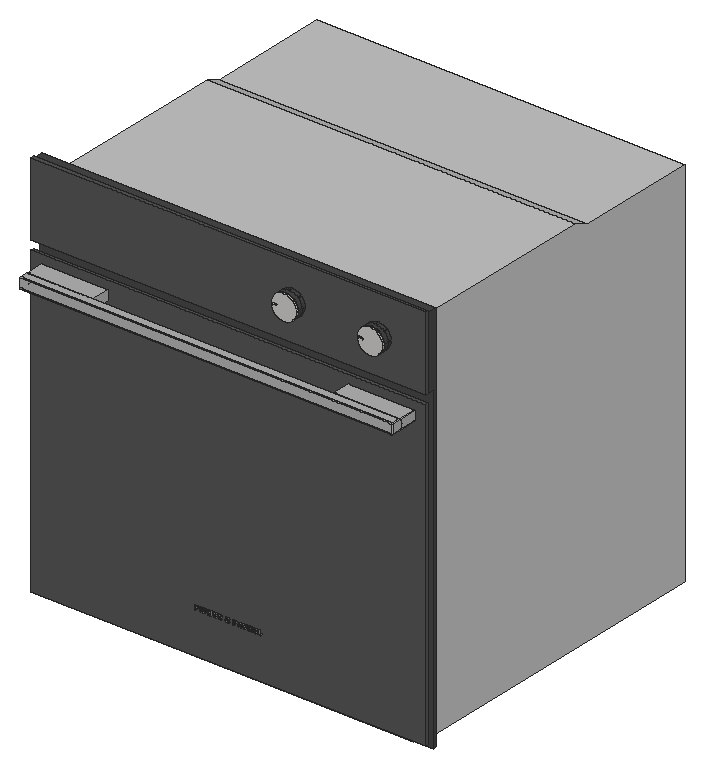
Revit family "FP_Revit_18_OB60SC7LEB1_Oven_90001194A", category Specialty Equipment, Revit 2018
Family settings
  Round Connector Dimension = Use Diameter
  Part Type = Normal
  OmniClass Number = 23.40.40.14.17.11
  OmniClass Title = Cookers, Ovens, Stoves
  Work Plane-Based = No
  Always vertical = Yes
  Cut with Voids When Loaded = Yes
  Shared = No
  Room Calculation Point = No
Parameters (values of type "OB60SC7LEB1")
  Visibility - Clearance Required = yes
  URL = "www.fisherpaykel.com"
  Product - Width = 596 mm  # constant formula
  Product - Height = 598 mm  # constant formula
  Product - Depth = 608 mm  # constant formula
  Model = "OB60SC7LEB1"
  Material - Structure = Fisher & Paykel - Black
  Material - Handle = Fisher & Paykel - Aluminium
  Material - Glass = Fisher & Paykel - Glass, Black
  Material - Buttons and Dials = Fisher & Paykel - Stainless Steel
  Material - Body = Fisher & Paykel - Grey
  Manufacturer = "Fisher & Paykel Appliances"
  FFL Offset [instance] = 260 mm
  Description = "60cm Built-In Oven"
  Connector Description - Electrical = "230 V, 13.3 A"
  Chassis - Width = 556 mm  # constant formula
  Chassis - Height = 575 mm  # constant formula
  Chassis - Depth = 545 mm  # constant formula
  Cavity - Width = 600 mm  # constant formula
  Cavity - Height = 600 mm  # constant formula
  Cavity - Depth = 550 mm  # constant formula
Reference planes
  plane 1 "Datum": y = 0
  plane 2: z = 0
  plane 3 "Center (Left/Right)": x = 0
  plane 4 "Product Height": z = 858
  plane 5 "Product LHS": x = -298
  plane 6 "Product RHS": x = 298
  plane 7 "Cavity LHS": x = -300
  plane 8 "Cavity RHS": x = 300
  plane 9 "Cavity - Depth": y = 550
  plane 10 "Product Depth": y = 545
  plane 11 "Door - Front": y = -20
  plane 12 "Product - Front": y = -63
  plane 13 "FFL Offset": z = 260
  plane 14 "Cavity - Height": z = 860
  plane 15 "Cavity": z = 840
Forms (mm)
  Extrusion 1, solid, material "Fisher & Paykel - Grey" <- "Material - Body"
    sketch origin (0, 0, 0) x (0, 1, 0) y (0, 0, 1)
      loop
        line (0, 260) -> (525, 260) -> (525, 458) -> (545, 478) -> (545, 672) -> (495, 722) -> (495, 824.6) -> (311.747, 824.6) -> (289.247, 835) -> (0, 835) -> (0, 260)
    from -278 to 278
  Extrusion 2, void
    sketch origin (0, 0, 0) x (1, 0, 0) y (0, 1, 0)
      loop
        line (-278, 495) -> (-235, 495) -> (-185, 545) -> (-278, 545) -> (-278, 495)
      loop
        line (278, 495) -> (278, 545) -> (62.65, 545) -> (82.65, 525) -> (205, 525) -> (235, 495) -> (278, 495)
    from 260 to 835
  Extrusion 3, solid, material "Fisher & Paykel - Black" <- "Material - Structure"
    sketch origin (0, 0, 0) x (0, 1, 0) y (0, 0, 1)
      loop
        line (-16, 855) -> (-16, 746) -> (-4.1, 746) -> (-4.1, 260) -> (0, 260) -> (0, 855) -> (-16, 855)
    from -298 to 298
  Extrusion 4, solid, material "Fisher & Paykel - Black" <- "Material - Structure"
    sketch origin (0, 0, 0) x (0, 1, 0) y (0, 0, 1)
      loop
        line (-16, 722.6) -> (-16, 267) -> (-4.1, 267) -> (-4.1, 722.6) -> (-16, 722.6)
    from -277 to 277
  Extrusion 5, solid, material "Fisher & Paykel - Clearance Required", visible <- "Visibility - Clearance Required", detail levels coarse
    sketch origin (0, 0, 0) x (0, 1, 0) y (0, 0, 1)
      loop
        line (-20, 287.356) -> (-20, 260) -> (0, 260) -> (0, 860) -> (-20, 860) -> (-20, 732.8)
        arc (-20, 732.8) -> (-324.134, 611.374) -> (-467.592, 316.991) r 454.272
        line (-467.592, 316.991) -> (-454.903, 316.151) -> (-457.629, 274.989) -> (-445.183, 274.164) -> (-442.458, 315.327) -> (-20, 287.356)
    from -300 to 300
  Extrusion 6, solid, material "Fisher & Paykel - Clearance Required", visible <- "Visibility - Clearance Required", detail levels coarse
    sketch origin (0, 0, 0) x (1, 0, 0) y (0, 1, 0)
      loop
        line (-280, 0) -> (280, 0) -> (280, 550) -> (-280, 550) -> (-280, 0)
    from 260 to 840
  Extrusion 7, solid, material "Fisher & Paykel - Glass, Black" <- "Material - Glass"
    sketch origin (0, 0, 0) x (0, 1, 0) y (0, 0, 1)
      loop
        line (-16, 858) -> (-20, 858) -> (-20, 746) -> (-16, 746) -> (-16, 858)
      loop
        line (-20, 732.8) -> (-20, 269.8) -> (-16, 269.8) -> (-16, 732.8) -> (-20, 732.8)
    from -298 to 298
  Extrusion 8, solid, material "Fisher & Paykel - Grey" <- "Material - Body", detail levels medium+fine
    sketch origin (0, -20, 0) x (0, 0, 1) y (1, 0, 0)
      loop
        line (795.1, -225.85) -> (795.1, -133.15) -> (737.1, -133.15) -> (737.1, -225.85) -> (795.1, -225.85)
    from 515 to 535
  Extrusion 9, solid, material "Fisher & Paykel - Grey" <- "Material - Body", detail levels fine
    sketch origin (0, 0, 0) x (0, 1, 0) y (0, 0, 1)
      loop
        circle (505, 766.1) r 4
    from -225.85 to -245
  Extrusion 10, void
    sketch origin (0, 0, 0) x (0, 1, 0) y (0, 0, 1)
      loop
        line (-20, 860) -> (-20, 260) -> (0, 260) -> (0, 860) -> (-20, 860)
    from -300 to 300
  Extrusion 11, void
    sketch origin (0, 0, 0) x (1, 0, 0) y (0, 1, 0)
      loop
        line (-280, 0) -> (280, 0) -> (280, 550) -> (-280, 550) -> (-280, 0)
    from 260 to 840
Cuts and joins
  Extrusion 2 cuts Extrusion 1
Lines and regions (mm)
  model lines, style "Fisher & Paykel"
    curve 1: line (-268, -20, 790) -> (-218, -20, 790)
    curve 2: line (-268, -20, 811) -> (-268, -20, 790)
    curve 3: line (-218, -20, 811) -> (-268, -20, 811)
    curve 4: line (-218, -20, 790) -> (-218, -20, 811)
    curve 5: line (217.5, -20, 394.2) -> (-217.5, -20, 394.2)
    curve 6: line (217.5, -20, 677.436) -> (217.5, -20, 394.2)
    curve 7: line (-217.5, -20, 677.436) -> (217.5, -20, 677.436)
    curve 8: line (-217.5, -20, 394.2) -> (-217.5, -20, 677.436)
Text (mm)
  text "Due to ongoing product development, product details are subject to change without notice. \nPlease always refer to www.fisherpaykel.com for the most current product information. \n© Fisher & Paykel 2020" at (41.04, -568.295, 0), in view "Ref. Level (Plan)"
Dimensions and locks
  equal spacing: plane 5 "Product LHS", plane 3 "Center (Left/Right)", plane 6 "Product RHS"
  "Product - Width": plane 5 "Product LHS" to plane 6 "Product RHS"
  equal spacing: plane 7 "Cavity LHS", plane 3 "Center (Left/Right)", plane 8 "Cavity RHS"
  "Cavity - Width": plane 7 "Cavity LHS" to plane 8 "Cavity RHS"
  "Cavity - Depth": plane 9 "Cavity - Depth" to plane 1 "Datum"
  "Chassis - Depth": plane 10 "Product Depth" to plane 1 "Datum"
  locked: plane 11 "Door - Front" to plane 1 "Datum" at 20
  "Chassis - Width": cut or joined group of Extrusion 1, Extrusion 2 to cut or joined group of Extrusion 1, Extrusion 2
  "Product - Depth": plane 10 "Product Depth" to plane 12 "Product - Front"
  cut or joined group of Extrusion 1, Extrusion 2 to Extrusion 8 = 20 mm
  "FFL Offset": plane 13 "FFL Offset" to level
  "Chassis - Height": cut or joined group of Extrusion 1, Extrusion 2 to plane 13 "FFL Offset"
  "Product - Height": plane 4 "Product Height" to plane 13 "FFL Offset"
  "Cavity - Height": plane 14 "Cavity - Height" to plane 13 "FFL Offset"
  locked: plane 15 "Cavity" to plane 13 "FFL Offset" at 580
  locked: Extrusion 4 to plane 13 "FFL Offset" at 7
  locked: Extrusion 7 to plane 13 "FFL Offset" at 9.8
  locked: plane 4 "Product Height" to nested 2 at 137.9
  locked: curve 5 to plane 13 "FFL Offset" at 134.2
  locked: plane 4 "Product Height" to nested 4 at 57.5
  locked: plane 4 "Product Height" to nested 3 at 57.5
  locked: curve 7 to plane 13 "FFL Offset" at 417.436
  locked: curve 1 to plane 13 "FFL Offset" at 530
  locked: curve 3 to plane 13 "FFL Offset" at 551
  locked: nested 1 to plane 13 "FFL Offset" at 73.213
  aligned and locked: level to plane 2
  aligned and locked: plane 7 "Cavity LHS" to Extrusion 5
  aligned and locked: Extrusion 5 to plane 8 "Cavity RHS"
  aligned and locked: Extrusion 7 to plane 6 "Product RHS"
  aligned and locked: plane 5 "Product LHS" to Extrusion 7
  aligned and locked: Extrusion 8 to cut or joined group of Extrusion 1, Extrusion 2
  aligned and locked: Extrusion 10 to plane 8 "Cavity RHS"
  aligned and locked: plane 7 "Cavity LHS" to Extrusion 10
  aligned and locked: Extrusion 2 to plane 13 "FFL Offset"
  aligned and locked: Extrusion 2 to Extrusion 1
  aligned and locked: Extrusion 1 sketch curve to plane 13 "FFL Offset"
  aligned and locked: Extrusion 6 to cut or joined group of Extrusion 1, Extrusion 2
  aligned and locked: plane 15 "Cavity" to Extrusion 6
  aligned and locked: Extrusion 3 to cut or joined group of Extrusion 1, Extrusion 2
  aligned and locked: plane 13 "FFL Offset" to Extrusion 5 sketch curve
  aligned and locked: plane 14 "Cavity - Height" to Extrusion 5 sketch curve
  aligned and locked: Extrusion 11 to cut or joined group of Extrusion 1, Extrusion 2
  aligned and locked: Extrusion 11 to Extrusion 6
  aligned and locked: Extrusion 10 to cut or joined group of Extrusion 1, Extrusion 2
  aligned and locked: Extrusion 10 to Extrusion 5
Automatic sketch dimensions
  Extrusion 2 sketch curve to plane 10 "Product Depth" = 0 mm  (x2)
  Extrusion 2 sketch curve to plane 5 "Product LHS" = 20 mm
  Extrusion 2 sketch curve to Extrusion 2 sketch curve = 43 mm
  Extrusion 2 sketch curve to Extrusion 2 sketch curve = 50 mm
  plane 3 "Center (Left/Right)" to Extrusion 2 sketch curve = 62.65 mm
  Extrusion 2 sketch curve to Extrusion 2 sketch curve = 20 mm
  Extrusion 2 sketch curve to plane 10 "Product Depth" = 20 mm
  plane 6 "Product RHS" to Extrusion 2 sketch curve = 93 mm
  Extrusion 2 sketch curve to Extrusion 2 sketch curve = 30 mm
  plane 6 "Product RHS" to Extrusion 2 sketch curve = 20 mm
  Extrusion 2 sketch curve to plane 10 "Product Depth" = 50 mm  (x2)
  level to Extrusion 3 sketch curve = 260 mm
  Extrusion 3 sketch curve to plane 1 "Datum" = 0 mm
  plane 1 "Datum" to Extrusion 3 sketch curve = 4.1 mm
  plane 11 "Door - Front" to Extrusion 3 sketch curve = 4 mm
  Extrusion 3 sketch curve to plane 4 "Product Height" = 3 mm
  plane 11 "Door - Front" to Extrusion 4 sketch curve = 4 mm
  plane 1 "Datum" to Extrusion 4 sketch curve = 4.1 mm
  level to Extrusion 4 sketch curve = 267 mm
  Extrusion 6 sketch curve to plane 9 "Cavity - Depth" = 0 mm
  plane 1 "Datum" to Extrusion 6 sketch curve = 0 mm
  Extrusion 6 sketch curve to plane 5 "Product LHS" = 18 mm
  plane 6 "Product RHS" to Extrusion 6 sketch curve = 18 mm
  Extrusion 7 sketch curve to plane 11 "Door - Front" = 0 mm  (x2)
  plane 11 "Door - Front" to Extrusion 7 sketch curve = 4 mm  (x2)
  Extrusion 7 sketch curve to plane 4 "Product Height" = 0 mm
  Extrusion 7 sketch curve to Extrusion 7 sketch curve = 13.2 mm
  level to Extrusion 7 sketch curve = 269.8 mm
  Extrusion 8 sketch curve to plane 5 "Product LHS" = 72.15 mm
  Extrusion 8 sketch curve to Extrusion 8 sketch curve = 92.7 mm
  Extrusion 9 sketch curve to plane 10 "Product Depth" = 40 mm
  level to Extrusion 10 sketch curve = 260 mm
  Extrusion 10 sketch curve to plane 11 "Door - Front" = 0 mm
  Extrusion 10 sketch curve to plane 1 "Datum" = 0 mm
  Extrusion 11 sketch curve to plane 9 "Cavity - Depth" = 0 mm
  plane 1 "Datum" to Extrusion 11 sketch curve = 0 mm
  Extrusion 11 sketch curve to plane 5 "Product LHS" = 18 mm
  plane 6 "Product RHS" to Extrusion 11 sketch curve = 18 mm
  Extrusion 3 sketch curve to Extrusion 3 sketch curve = 109 mm
  Extrusion 4 sketch curve to plane 4 "Product Height" = 135.4 mm
  Extrusion 7 sketch curve to Extrusion 7 sketch curve = 125.2 mm
  Extrusion 8 sketch curve to plane 4 "Product Height" = 120.9 mm
  Extrusion 8 sketch curve to Extrusion 8 sketch curve = 58 mm
  Extrusion 9 sketch curve to plane 4 "Product Height" = 91.9 mm
  Extrusion 1 sketch curve to plane 1 "Datum" = 0 mm
  Extrusion 1 sketch curve to plane 10 "Product Depth" = 0 mm
  Extrusion 1 sketch curve to plane 4 "Product Height" = 23 mm
  Extrusion 1 sketch curve to plane 10 "Product Depth" = 255.753 mm
  Extrusion 1 sketch curve to Extrusion 1 sketch curve = 22.5 mm
  Extrusion 1 sketch curve to plane 10 "Product Depth" = 50 mm
  Extrusion 1 sketch curve to plane 10 "Product Depth" = 20 mm
  Extrusion 1 sketch curve to Extrusion 1 sketch curve = 198 mm
  Extrusion 1 sketch curve to Extrusion 1 sketch curve = 20 mm
  Extrusion 1 sketch curve to plane 4 "Product Height" = 186 mm
  Extrusion 1 sketch curve to Extrusion 1 sketch curve = 50 mm
  Extrusion 1 sketch curve to plane 4 "Product Height" = 33.4 mm
  plane 13 "FFL Offset" to Extrusion 10 sketch curve = 600 mm
  Extrusion 5 sketch curve to plane 11 "Door - Front" = 0 mm  (x2)
  Extrusion 5 sketch curve to plane 1 "Datum" = 0 mm
  plane 13 "FFL Offset" to Extrusion 5 sketch curve = 55.327 mm
  Extrusion 5 sketch curve to plane 12 "Product - Front" = 379.458 mm
  plane 13 "FFL Offset" to Extrusion 5 sketch curve = 14.164 mm
  Extrusion 5 sketch curve to Extrusion 5 sketch curve = 2.725 mm
  plane 13 "FFL Offset" to Extrusion 5 sketch curve = 56.151 mm
  Extrusion 5 sketch curve to Extrusion 5 sketch curve = 12.446 mm
  plane 13 "FFL Offset" to Extrusion 5 sketch curve = 56.991 mm
  plane 11 "Door - Front" to Extrusion 5 sketch curve = 5.051 mm
  Extrusion 5 sketch curve to Extrusion 5 sketch curve = 8.8 mm
  plane 6 "Product RHS" to curve 6 = 80.5 mm
  curve 5 to curve 6 = 283.236 mm
  curve 7 to plane 5 "Product LHS" = 80.5 mm
  curve 1 to plane 5 "Product LHS" = 80 mm
  curve 1 to plane 5 "Product LHS" = 30 mm
  radius of Extrusion 9 sketch curve = 4 mm
Nested families
  nested 1: "F&P Logo 100mm" at (0, -20, 333.213), type "Grey"
  nested 2: "F&P Handle Contemporary Square OB60-24" at (0, -20, 712.122), type "Aluminium"
  nested 3: "F&P Dial Oven SC" at (97.062, -20, 800.5), type "F&P Dial Oven SC"
  nested 4: "F&P Dial Oven SC" at (227.124, -20, 800.5), type "F&P Dial Oven SC"
Connectors
  electrical at (-245, 505, 766.1), driven by "Connector Description - Electrical"
    settings: on Extrusion 9, index 1, voltage 230 V, apparent load 0 VA, apparent load phase1 0 VA, apparent load phase2 0 VA, apparent load phase3 0 VA, power factor 1, load classification "Other", number of poles 1, system type 30, power factor state 1, is connector primary yes, connector utility no, sub classification motor no, connector description "230 V, 13.3 A"
Definition of nested family "F&P Logo 100mm"
  Parameters (values of type "Chrome")
    URL = "www.fisherpaykel.com"
    Material - Logo = none
    Manufacturer = "Fisher & Paykel Appliances"
  Types (3): name
    (no name)
    Chrome
    Grey
  Reference planes
    plane 1 "Center (Front/Back)": y = 0
    plane 2: z = 0
    plane 3 "Center (Left/Right)": x = 0
  Forms (mm)
    Extrusion 1, solid, material <- "Material - Logo", detail levels fine
      sketch origin (0, 0, 0) x (1, 0, 0) y (0, 0, 1)
        loop
          line (-50.044, 0) -> (-48.47, 0) -> (-48.47, 2.138) -> (-46.011, 2.138) -> (-46.011, 3.472) -> (-48.47, 3.472) -> (-48.47, 4.712) -> (-45.795, 4.712) -> (-45.795, 6.04) -> (-50.044, 6.04) -> (-50.044, 0)
        loop
          line (-42.804, 6.04) -> (-42.804, 0) -> (-41.23, 0) -> (-41.23, 6.04) -> (-42.804, 6.04)
        loop
          line (-30.724, 6.04) -> (-30.724, 0) -> (-29.151, 0) -> (-29.151, 2.42) -> (-26.839, 2.42) -> (-26.839, 0) -> (-25.265, 0) -> (-25.265, 6.04) -> (-26.839, 6.04) -> (-26.839, 3.748) -> (-29.151, 3.748) -> (-29.151, 6.04) -> (-30.724, 6.04)
        loop
          line (-21.906, 6.04) -> (-21.906, 0) -> (-17.602, 0) -> (-17.602, 1.328) -> (-20.347, 1.328) -> (-20.347, 2.42) -> (-17.838, 2.42) -> (-17.838, 3.748) -> (-20.347, 3.748) -> (-20.347, 4.712) -> (-17.602, 4.712) -> (-17.602, 6.04) -> (-21.906, 6.04)
        loop
          line (45.667, 6.04) -> (45.667, 0) -> (49.956, 0) -> (49.956, 1.328) -> (47.241, 1.328) -> (47.241, 6.04) -> (45.667, 6.04)
        loop
          line (42.431, 6.04) -> (38.112, 6.04) -> (38.112, 0) -> (42.431, 0) -> (42.431, 1.328) -> (39.687, 1.328) -> (39.687, 2.42) -> (42.195, 2.42) -> (42.195, 3.748) -> (39.687, 3.748) -> (39.687, 4.712) -> (42.431, 4.712) -> (42.431, 6.04)
        loop
          line (33.451, 3.148) -> (35.683, 6.04) -> (33.844, 6.04) -> (31.915, 3.542) -> (31.915, 6.04) -> (30.342, 6.04) -> (30.342, 0) -> (31.915, 0) -> (31.915, 2.705) -> (33.903, 0) -> (35.763, 0) -> (33.451, 3.148)
        loop
          line (21.98, 6.04) -> (24.262, 2.42) -> (24.262, 0) -> (25.837, 0) -> (25.837, 2.341) -> (28.119, 6.04) -> (26.446, 6.04) -> (25.099, 3.707) -> (23.753, 6.04) -> (21.98, 6.04)
        loop
          line (18.479, 6.04) -> (16.983, 6.04) -> (14.524, 0) -> (16.069, 0) -> (16.501, 1.112) -> (18.921, 1.112) -> (19.354, 0) -> (20.938, 0) -> (18.479, 6.04)
        loop
          line (18.4, 2.439) -> (17.693, 4.174) -> (17.018, 2.439) -> (18.4, 2.439)
        loop
          line (8.031, 6.04) -> (8.031, 0) -> (9.605, 0) -> (9.605, 1.938) -> (10.599, 1.938)
          arc (10.599, 1.938) -> (12.65, 3.989) -> (10.599, 6.04) r 2.051
          line (10.599, 6.04) -> (8.031, 6.04)
        loop
          line (9.605, 4.712) -> (9.605, 3.197) -> (10.501, 3.197)
          arc (10.501, 3.197) -> (11.259, 3.954) -> (10.501, 4.712) r 0.757
          line (10.501, 4.712) -> (9.605, 4.712)
        loop
          line (-11.783, 6.04) -> (-14.366, 6.04) -> (-14.366, 0) -> (-12.792, 0) -> (-12.792, 1.336) -> (-11.992, 1.336) -> (-10.972, 0) -> (-9.153, 0) -> (-10.694, 1.973)
          arc (-10.694, 1.973) -> (-9.678, 4.424) -> (-11.783, 6.04) r 2.179
        loop
          line (-11.897, 4.712) -> (-12.792, 4.712) -> (-12.792, 3.053) -> (-11.897, 3.053)
          arc (-11.897, 3.053) -> (-11.068, 3.882) -> (-11.897, 4.712) r 0.83
        loop
          line (0.477, 4.712) -> (0.477, 6.153) -> (-3.575, 6.153) -> (-3.575, 4.851) -> (-2.974, 4.112)
          arc (-2.974, 4.112) -> (-3.51, 0.684) -> (-0.045, 0.512) r 2.334
          line (-0.045, 0.512) -> (0.46, -0.109) -> (2.246, -0.109) -> (0.86, 1.594) -> (2.061, 3.324) -> (0.443, 3.324) -> (-0.013, 2.667) -> (-1.677, 4.712) -> (0.477, 4.712)
        loop
          arc (-2.125, 3.068) -> (-2.269, 1.668) -> (-0.868, 1.524) r 0.996
          line (-0.868, 1.524) -> (-2.125, 3.068)
        loop
          line (-35.18, 3.634) -> (-36.516, 3.91)
          arc (-36.516, 3.91) -> (-37.049, 4.443) -> (-36.516, 4.976) r 0.533
          arc (-36.516, 4.976) -> (-35.235, 4.79) -> (-34.059, 4.248) r 4.505
          line (-34.059, 4.248) -> (-34.059, 5.743)
          arc (-34.059, 5.743) -> (-35.549, 6.179) -> (-37.1, 6.109) r 4.726
          arc (-37.1, 6.109) -> (-38.536, 4.335) -> (-37.1, 2.561) r 1.814
          line (-37.1, 2.561) -> (-35.754, 2.282)
          arc (-35.754, 2.282) -> (-35.221, 1.749) -> (-35.754, 1.216) r 0.533
          arc (-35.754, 1.216) -> (-37.035, 1.402) -> (-38.211, 1.945) r 4.505
          line (-38.211, 1.945) -> (-38.211, 0.449)
          arc (-38.211, 0.449) -> (-36.72, 0.013) -> (-35.169, 0.083) r 4.726
          arc (-35.169, 0.083) -> (-33.734, 1.863) -> (-35.18, 3.634) r 1.814
      from 0 to 0.8
  Dimensions and locks
    aligned and locked: level to plane 2
Definition of nested family "F&P Handle Contemporary Square OB60-24"
  Parameters (values of type "Aluminium Dark")
    URL = "www.fisherpaykel.com"
    Material - Handle = none
    Manufacturer = "Fisher & Paykel Appliances"
    Handle - Length = 565 mm
  Types (2): name
    Aluminium
    Aluminium Dark
  Reference planes
    plane 1 "Center (Front/Back)": y = 0
    plane 2: z = 0
    plane 3 "Center (Left/Right)": x = 0
    plane 4 "Product LHS": x = -282.5
    plane 5 "Product RHS": x = 282.5
    plane 6 "LHS Standoff": x = -182.495
    plane 7 "RHS Standoff": x = 182.505
  Forms (mm)
    Extrusion 1, solid, material <- "Material - Handle", detail levels fine
      sketch origin (0, 0, 0) x (0, 1, 0) y (0, 0, 1)
        loop
          arc (-28.701, 7.561) -> (-29.057, 7.868) -> (-29.514, 7.978) r 1
          line (-29.514, 7.978) -> (-40.5, 7.978)
          arc (-40.5, 7.978) -> (-41.561, 7.539) -> (-42, 6.478) r 1.5
          line (-42, 6.478) -> (-42, -6.522)
          arc (-42, -6.522) -> (-41.561, -7.583) -> (-40.5, -8.022) r 1.5
          line (-40.5, -8.022) -> (-29.487, -8.022)
          arc (-29.487, -8.022) -> (-29.029, -7.911) -> (-28.673, -7.602) r 1
          arc (-28.673, -7.602) -> (-26.256, -0.016) -> (-28.701, 7.561) r 13.038
      from -282.5 to 282.5
    Extrusion 2, solid, material <- "Material - Handle", detail levels fine
      sketch origin (0, 0, 0) x (0, 1, 0) y (0, 0, 1)
        loop
          arc (-28.23, 7.062) -> (-26.156, 0.008) -> (-28.198, -7.056) r 13.136
          arc (-28.198, -7.056) -> (-28.21, -7.463) -> (-27.86, -7.67) r 0.4
          line (-27.86, -7.67) -> (0, -7.67) -> (0, 7.678) -> (-27.893, 7.678)
          arc (-27.893, 7.678) -> (-28.244, 7.47) -> (-28.23, 7.062) r 0.4
      from 182.505 to 282.5
    Extrusion 3, solid, material <- "Material - Handle", detail levels fine
      sketch origin (0, 0, 0) x (0, 1, 0) y (0, 0, -1)
        loop
          arc (-28.23, -7.062) -> (-28.244, -7.47) -> (-27.893, -7.678) r 0.4
          line (-27.893, -7.678) -> (0, -7.678) -> (0, 7.67) -> (-27.86, 7.67)
          arc (-27.86, 7.67) -> (-28.21, 7.463) -> (-28.198, 7.056) r 0.4
          arc (-28.198, 7.056) -> (-26.156, -0.008) -> (-28.23, -7.062) r 13.136
      from 182.495 to 282.5
    Sweep 4, void
      path in 3D
        loop
          line (282.5, -29.514, 7.978) -> (282.5, -40.5, 7.978)
          arc (282.5, -40.5, 7.978) -> (282.5, -41.561, 7.539) -> (282.5, -42, 6.478) r 1.5
          line (282.5, -42, 6.478) -> (282.5, -42, -6.522)
          arc (282.5, -42, -6.522) -> (282.5, -41.561, -7.583) -> (282.5, -40.5, -8.022) r 1.5
          line (282.5, -40.5, -8.022) -> (282.5, -29.487, -8.022)
      profile origin (282.5, -35.007, 7.978) x (1, 0, 0) y (0, 0, 1)
        loop
          line (0, 0) -> (-1.3, 0) -> (0, -1.3) -> (0, 0)
    Sweep 5, void
      path in 3D
        loop
          line (-282.5, -29.487, -8.022) -> (-282.5, -40.5, -8.022)
          arc (-282.5, -40.5, -8.022) -> (-282.5, -41.561, -7.583) -> (-282.5, -42, -6.522) r 1.5
          line (-282.5, -42, -6.522) -> (-282.5, -42, 6.478)
          arc (-282.5, -42, 6.478) -> (-282.5, -41.561, 7.539) -> (-282.5, -40.5, 7.978) r 1.5
          line (-282.5, -40.5, 7.978) -> (-282.5, -29.514, 7.978)
      profile origin (-282.5, -35.007, 7.978) x (-1, 0, 0) y (0, 0, 1)
        loop
          line (0, 0) -> (-1.3, 0) -> (0, -1.3) -> (0, 0)
    Extrusion 6, void
      sketch origin (0, 0, 0) x (1, 0, 0) y (0, 0, 1)
        loop
          line (282.5, 7.978) -> (281.2, 7.978) -> (282.5, 6.678) -> (282.5, 7.978)
        loop
          line (282.5, -8.022) -> (282.5, -6.722) -> (281.2, -8.022) -> (282.5, -8.022)
      from 0 to 40
    Extrusion 7, void
      sketch origin (0, 0, 0) x (1, 0, 0) y (0, 0, 1)
        loop
          line (-282.5, 7.978) -> (-282.5, 6.678) -> (-281.2, 7.978) -> (-282.5, 7.978)
        loop
          line (-282.5, -8.022) -> (-281.2, -8.022) -> (-282.5, -6.722) -> (-282.5, -8.022)
      from 0 to 40
    Extrusion 8, solid, material <- "Material - Handle", detail levels coarse+medium
      sketch origin (0, 0, 0) x (1, 0, 0) y (0, 1, 0)
        loop
          line (-282.5, -42) -> (282.5, -42) -> (282.5, 0) -> (182.505, 0) -> (182.505, -26.156) -> (-182.495, -26.156) -> (-182.495, 0) -> (-282.5, 0) -> (-282.5, -42)
      from -8.022 to 7.978
  Cuts and joins
    Sweep 4, Sweep 5, Extrusion 6, Extrusion 7 cuts Extrusion 1
    Extrusion 6 cuts Extrusion 2
    Extrusion 7 cuts Extrusion 3
  Lines and regions (mm)
    sketch lines
      curve 1: line (282.5, -29.514, 7.978) -> (282.5, -40.5, 7.978)
      curve 2: arc (282.5, -42, 6.478) -> (282.5, -41.561, 7.539) -> (282.5, -40.5, 7.978) r 1.5
      curve 3: line (282.5, -42, 6.478) -> (282.5, -42, -6.522)
      curve 4: arc (282.5, -40.5, -8.022) -> (282.5, -41.561, -7.583) -> (282.5, -42, -6.522) r 1.5
      curve 5: line (282.5, -40.5, -8.022) -> (282.5, -29.487, -8.022)
      curve 6: line (-282.5, -40.5, 7.978) -> (-282.5, -29.514, 7.978)
      curve 7: arc (-282.5, -40.5, 7.978) -> (-282.5, -41.561, 7.539) -> (-282.5, -42, 6.478) r 1.5
      curve 8: line (-282.5, -42, -6.522) -> (-282.5, -42, 6.478)
      curve 9: arc (-282.5, -42, -6.522) -> (-282.5, -41.561, -7.583) -> (-282.5, -40.5, -8.022) r 1.5
      curve 10: line (-282.5, -29.487, -8.022) -> (-282.5, -40.5, -8.022)
  Dimensions and locks
    equal spacing: plane 4 "Product LHS", plane 3 "Center (Left/Right)", plane 5 "Product RHS"
    "Handle - Length": plane 4 "Product LHS" to plane 5 "Product RHS"
    locked: plane 4 "Product LHS" to plane 6 "LHS Standoff" at 100.005
    locked: plane 7 "RHS Standoff" to plane 5 "Product RHS" at 99.995
    aligned and locked: level to plane 2
    aligned and locked: Extrusion 1 to plane 5 "Product RHS"
    aligned and locked: plane 4 "Product LHS" to Extrusion 1
    aligned and locked: Extrusion 2 to plane 5 "Product RHS"
    aligned and locked: plane 4 "Product LHS" to Extrusion 3
    aligned and locked: plane 4 "Product LHS" to Extrusion 8 sketch curve
    aligned and locked: Extrusion 8 sketch curve to plane 5 "Product RHS"
    aligned and locked: Extrusion 8 sketch curve to plane 7 "RHS Standoff"
    aligned and locked: plane 6 "LHS Standoff" to Extrusion 8 sketch curve
    aligned and locked: Extrusion 2 to plane 7 "RHS Standoff"
    aligned and locked: plane 6 "LHS Standoff" to Extrusion 3
  Automatic sketch dimensions
    Extrusion 1 sketch curve to level = 6.522 mm
    plane 1 "Center (Front/Back)" to Extrusion 1 sketch curve = 42 mm
    Extrusion 1 sketch curve to Extrusion 1 sketch curve = 1.5 mm  (x2)
    Extrusion 1 sketch curve to level = 0.04 mm
    Extrusion 1 sketch curve to Extrusion 1 sketch curve = 1.206 mm
    level to Extrusion 1 sketch curve = 6.978 mm
    Extrusion 1 sketch curve to Extrusion 1 sketch curve = 10.986 mm
    Extrusion 1 sketch curve to Extrusion 1 sketch curve = 11.013 mm
    Extrusion 1 sketch curve to Extrusion 1 sketch curve = 1 mm
    level to Extrusion 1 sketch curve = 6.478 mm
    Extrusion 1 sketch curve to Extrusion 1 sketch curve = 0 mm
    Extrusion 2 sketch curve to plane 1 "Center (Front/Back)" = 0 mm
    Extrusion 2 sketch curve to level = 7.67 mm
    Extrusion 2 sketch curve to Extrusion 2 sketch curve = 27.86 mm
    level to Extrusion 2 sketch curve = 7.678 mm
    Extrusion 2 sketch curve to Extrusion 2 sketch curve = 0.033 mm
    Extrusion 2 sketch curve to level = 0.022 mm
    Extrusion 2 sketch curve to Extrusion 2 sketch curve = 11.398 mm
    Extrusion 2 sketch curve to Extrusion 2 sketch curve = 0.4 mm  (x2)
    Extrusion 2 sketch curve to Extrusion 2 sketch curve = 0 mm
    Extrusion 3 sketch curve to plane 1 "Center (Front/Back)" = 0 mm
    Extrusion 3 sketch curve to level = 7.67 mm
    Extrusion 3 sketch curve to Extrusion 3 sketch curve = 27.86 mm
    level to Extrusion 3 sketch curve = 7.678 mm
    Extrusion 3 sketch curve to Extrusion 3 sketch curve = 0.033 mm
    Extrusion 3 sketch curve to level = 0.022 mm
    Extrusion 3 sketch curve to Extrusion 3 sketch curve = 11.398 mm
    Extrusion 3 sketch curve to Extrusion 3 sketch curve = 0.4 mm  (x2)
    Extrusion 3 sketch curve to Extrusion 3 sketch curve = 0 mm
    profile plane to Sweep 4 sketch curve = 0 mm
    Sweep 4 sketch curve to profile plane = 0 mm
    Sweep 4 sketch curve to profile plane = 1.3 mm
    profile plane to Sweep 4 sketch curve = 1.3 mm
    Sweep 5 sketch curve to profile plane = 0 mm  (x2)
    profile plane to Sweep 5 sketch curve = 1.3 mm
    Sweep 5 sketch curve to profile plane = 1.3 mm
    plane 5 "Product RHS" to Extrusion 6 sketch curve = 0 mm  (x2)
    Extrusion 6 sketch curve to Extrusion 6 sketch curve = 1.3 mm  (x4)
    Extrusion 6 sketch curve to level = 6.722 mm
    level to Extrusion 6 sketch curve = 6.678 mm
    plane 4 "Product LHS" to Extrusion 7 sketch curve = 0 mm  (x2)
    Extrusion 7 sketch curve to plane 4 "Product LHS" = 1.3 mm  (x2)
    Extrusion 7 sketch curve to level = 8.022 mm
    level to Extrusion 7 sketch curve = 6.678 mm
    Extrusion 7 sketch curve to Extrusion 7 sketch curve = 1.3 mm  (x2)
    plane 1 "Center (Front/Back)" to Extrusion 8 sketch curve = 0 mm  (x2)
    Extrusion 8 sketch curve to Extrusion 8 sketch curve = 26.156 mm
    Extrusion 8 sketch curve to Extrusion 8 sketch curve = 42 mm
Definition of nested family "F&P Dial Oven SC"
  Parameters (values of type "F&P Dial Oven SC")
    URL = "www.fisherpaykel.com"
    Material - Buttons and Dials = none
    Manufacturer = "Fisher & Paykel Appliances"
  Reference planes
    plane 1 "Center (Front/Back)": y = 0
    plane 2: z = 0
    plane 3 "Center (Left/Right)": x = 0
  Forms (mm)
    Extrusion 1, solid, material <- "Material - Buttons and Dials", detail levels medium+fine
      sketch origin (0, 0, 0) x (1, 0, 0) y (0, 0, 1)
        loop
          circle (0, 0) r 19
        loop
          arc (-16.072, 1.5) -> (-17.572, 0) -> (-16.072, -1.5) r 1.5
          line (-16.072, -1.5) -> (-10.762, -1.5)
          arc (-10.762, -1.5) -> (-9.262, 0) -> (-10.762, 1.5) r 1.5
          line (-10.762, 1.5) -> (-16.072, 1.5)
      from 14 to 16
    Extrusion 2, solid, detail levels fine
      sketch origin (0, 0, 0) x (1, 0, 0) y (0, 0, 1)
        loop
          arc (-1.003, 18.973) -> (-7.274, 17.553) -> (-12.711, 14.122) r 19
          line (-12.711, 14.122) -> (-11.276, 12.687) -> (-12.691, 11.273) -> (-14.125, 12.708)
          arc (-14.125, 12.708) -> (-17.554, 7.27) -> (-18.974, 1) r 19
          line (-18.974, 1) -> (-16.946, 1) -> (-16.946, -1) -> (-18.974, -1)
          arc (-18.974, -1) -> (-17.554, -7.27) -> (-14.125, -12.708) r 19
          line (-14.125, -12.708) -> (-12.691, -11.273) -> (-11.276, -12.687) -> (-12.711, -14.122)
          arc (-12.711, -14.122) -> (-7.274, -17.553) -> (-1.003, -18.973) r 19
          line (-1.003, -18.973) -> (-1.003, -16.943) -> (0.997, -16.943) -> (0.997, -18.974)
          arc (0.997, -18.974) -> (7.268, -17.555) -> (12.708, -14.125) r 19
          line (12.708, -14.125) -> (11.27, -12.687) -> (12.684, -11.273) -> (14.122, -12.711)
          arc (14.122, -12.711) -> (17.553, -7.272) -> (18.974, -1) r 19
          line (18.974, -1) -> (16.939, -1) -> (16.939, 1) -> (18.974, 1)
          arc (18.974, 1) -> (17.553, 7.272) -> (14.122, 12.711) r 19
          line (14.122, 12.711) -> (12.684, 11.273) -> (11.246, 12.711) -> (12.683, 14.147)
          arc (12.683, 14.147) -> (7.253, 17.561) -> (0.997, 18.974) r 19
          line (0.997, 18.974) -> (0.997, 16.943) -> (-1.003, 16.943) -> (-1.003, 18.973)
      from 0 to 6
    Extrusion 3, solid, detail levels fine
      sketch origin (0, 0, 0) x (1, 0, 0) y (0, 0, 1)
        loop
          circle (0, 0) r 19
      from 6 to 13
    Extrusion 4, solid, detail levels fine
      sketch origin (0, 0, 0) x (1, 0, 0) y (0, 0, 1)
        loop
          circle (0, 0) r 18
      from 13 to 14
    Extrusion 5, solid, detail levels coarse+medium
      sketch origin (0, 0, 0) x (1, 0, 0) y (0, 0, 1)
        loop
          circle (0, 0) r 19
      from 0 to 14
  Cuts and joins
    joined: Extrusion 2, Extrusion 3
  Dimensions and locks
    aligned and locked: level to plane 2
